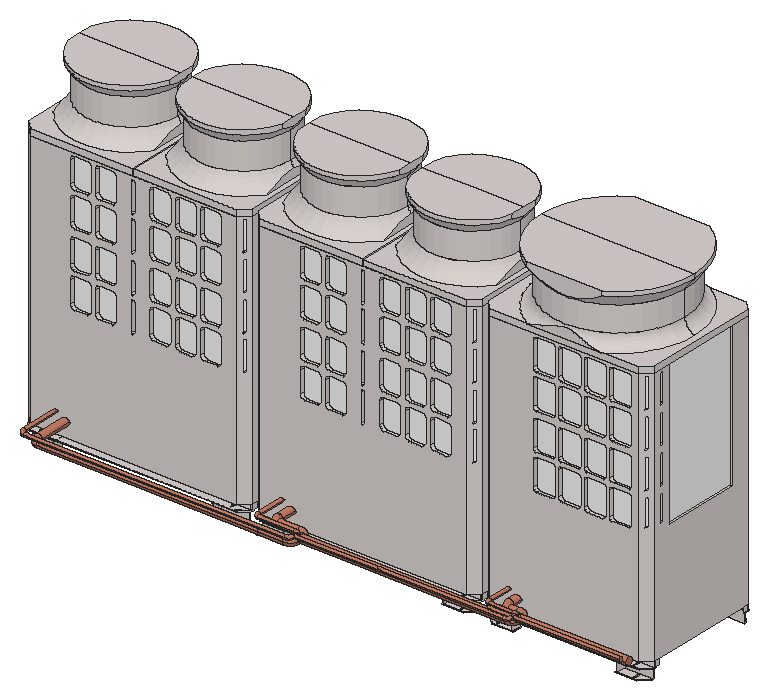
Revit family "PUHY-EP1000YSNW-A1", category 機械設備, Revit 2016 (continued)
Definition of nested family "PUHY-EP350YNW-A1"
  Dimensions and locks
    Extrusion 19 sketch curve to Extrusion 19 sketch curve = 170.800 mm
    Extrusion 20 sketch curve to Extrusion 20 sketch curve = 116.800 mm
    Extrusion 20 sketch curve to Extrusion 20 sketch curve = 170.800 mm
    Extrusion 21 sketch curve to Extrusion 21 sketch curve = 116.800 mm
    Extrusion 21 sketch curve to Extrusion 21 sketch curve = 170.800 mm
    plane 3 "Center (Left/Right)" to cut or joined group 1 (Extrusion 1, Extrusion 2, Extrusion 3, Extrusion 4, Extrusion 5, Extrusion 6, Extrusion 7, Extrusion 8, Extrusion 9, Extrusion 10, Extrusion 11, Extrusion 12, Extrusion 13, Extrusion 14, Extrusion 15, Extrusion 16, Extrusion 17, Extrusion 18, Extrusion 19, Extrusion 20, Extrusion 21, Extrusion 22, Extrusion 23, Extrusion 24, Extrusion 25, Extrusion 26, Extrusion 27, Extrusion 28, Extrusion 29, Extrusion 30, Extrusion 31, Extrusion 32, Extrusion 33) = 620.000 mm
    cut or joined group 1 to plane 3 "Center (Left/Right)" = 620.000 mm
    Extrusion 1 sketch curve to Extrusion 1 sketch curve = 1240.000 mm
    cut or joined group 1 to plane 8 = 185.000 mm
    cut or joined group 1 to plane 7 = 166.000 mm
    cut or joined group 1 to plane 6 = 110.000 mm
    cut or joined group 1 to plane 12 to cut or joined group 1 = 805.000 mm, 621.000 mm
    plane 5 to plane 2 = 1858.000 mm  (x2)
    cut or joined group 1 to plane 19 "132" = 132.000 mm
    cut or joined group 1 to plane 22 = 207.000 mm
    cut or joined group 1 to plane 23 = 256.000 mm
    cut or joined group 1 to plane 6 = 60.000 mm
    cut or joined group 1 to cut or joined group 1 = 42.154 mm
    cut or joined group 1 to cut or joined group 1 = 11.895 mm
    nested 1 to nested 3 to level = 1798.000 mm, 60.000 mm
    nested 1 to nested 1 = 303.000 mm
    nested 1 to nested 3 = 1495.000 mm
    nested 8 to nested 8 to nested 8 to nested 7 to nested 7 to nested 7 = 54.000 mm, 20.000 mm, 592.000 mm, 20.000 mm, 54.000 mm
    nested 3 to nested 3 = 56.000 mm
    plane 11 to plane 31 to plane 32 to cut or joined group 1 = 90.000 mm, 1060.000 mm, 90.000 mm
    curve 103 to nested 7 = 90.000 mm
    curve 104 to nested 7 = 125.000 mm
    curve 101 to nested 7 = 100.000 mm
    curve 11 to curve 13 to nested 7 = 84.000 mm, 71.000 mm
    cut or joined group 1 to curve 12 to curve 14 = 125.000 mm, 148.000 mm
    nested 2 to nested 7 = 1495.000 mm
    curve 87 to cut or joined group 1 = 152.000 mm
    curve 88 to cut or joined group 1 = 172.000 mm
    curve 89 to cut or joined group 1 = 216.000 mm
    cut or joined group 1 to curve 4 to curve 2 = 128.000 mm, 150.000 mm
    cut or joined group 1 to curve 1 to curve 3 = 79.000 mm, 94.000 mm
    Extrusion 32 sketch curve to nested 7 = 116.000 mm
    cut or joined group 1 to Extrusion 32 sketch curve = 160.000 mm
    cut or joined group 1 to Extrusion 33 sketch curve = 243.000 mm
    Extrusion 33 sketch curve to nested 7 = 116.000 mm
    cut or joined group 1 to cut or joined group 1 = 740.000 mm
    plane 30 to plane 4 = 740.000 mm
    aligned and locked: level to plane 2
    aligned and locked: Extrusion 1 to plane 4
  Nested families
    nested 1: "FAN GUARD" at (-311.5, 2, 860), type "FAN GUARD"
      with WIDTH 870.000 mm
    nested 2: "FAN GUARD" at (311.5, 2, 860) x (-1, 0, 0) z (0, 0, 1), type "FAN GUARD"
      with WIDTH 870.000 mm
    nested 3: "ATTACHMENT LEG" at (-524, -349, 0), type "ATTACHMENT LEG"
    nested 4: "ATTACHMENT LEG" at (-524, 349, 0), type "ATTACHMENT LEG"
    nested 5: "ATTACHMENT LEG" at (524, -349, 0) x (-1, 0, 0) z (0, 0, 1), type "ATTACHMENT LEG"
    nested 6: "ATTACHMENT LEG" at (524, 349, 0) x (-1, 0, 0) z (0, 0, 1), type "ATTACHMENT LEG"
    nested 7: "BASE LEG_L_" at (0, -352, 60), type "BASE LEG_L_"
      with Width 1240.000 mm
    nested 8: "BASE LEG_L_" at (0, 352, 60), type "BASE LEG_L_"
      with Width 1240.000 mm
  Connectors
    piping at (-460, -191, 176), diameter 25.4, driven by "Liquid pipe_radius"
      settings: on cut or joined group 1, index 3, connector inside diameter 25.4 mm, connector length 0.000 mm, flow factor 0, pipe flow 0.0 L/s, pressure drop 0.0 Pa, fitting loss kfactor 0, connector angle 0.00°, fixture units 0, engagement length 0.000 mm, angle of deflection 0.00°, flow configuration 0, flow direction 0, fitting loss method 0, system type 22, joint type 0, gender type 0, connector reference index -1, connector utility 0, adjustable connector no, is connector primary yes, connector description "Refrigerant service valve<Liquid pipe>"
    piping at (-377, -191, 176), diameter 28.58, driven by "Gas pipe_radius"
      settings: on cut or joined group 1, index 4, connector inside diameter 28.58 mm, connector length 0.000 mm, flow factor 0, pipe flow 0.0 L/s, pressure drop 0.0 Pa, fitting loss kfactor 0, connector angle 0.00°, fixture units 0, engagement length 0.000 mm, angle of deflection 0.00°, flow configuration 0, flow direction 0, fitting loss method 0, system type 22, joint type 0, gender type 0, connector reference index -1, connector utility 0, adjustable connector no, is connector primary no, connector description "Refrigerant service valve<Gas>"
    electrical at (0, -370, 808)
      settings: on cut or joined group 1, index 5, voltage 0 V, apparent load 0 VA, apparent load phase1 0 VA, apparent load phase2 0 VA, apparent load phase3 0 VA, power factor 1, load classification none, number of poles 1, system type 30, power factor state 1, is connector primary yes, connector utility no, sub classification motor no, connector description ""
  Definition of nested family "FAN GUARD"
    Parameters
      WIDTH [instance] = 870.000 mm
    Reference planes
      plane 1 "中心(正面/背面)": y = -2
      plane 2: z = 0
      plane 3 "ファンガード基準面": z = 661
      plane 4: y = 368
      plane 5: x = 366
      plane 6: x = -375
      plane 7 "ファンガード基準上面": z = 695
      plane 8 "ファンガード上面": z = 998
      plane 9: x = -273.971
      plane 10: x = 308.5
      plane 11: x = -308.5
      plane 12: x = 0
    Forms (mm)
      Extrusion 1, solid
        sketch origin (85, 0, 661) x (-1, 0, 0) y (0, -1, 0)
          loop
            line (343.5, -368) -> (393.5, -318) -> (393.5, 322) -> (343.5, 372) -> (-223.5, 372) -> (-223.5, -368) -> (343.5, -368)
        from 0 to 34
      Revolve 2, solid
        sketch origin (0, -2, 0) x (1, 0, 0) y (0, 0, 1)
          loop
            line (0, 695) -> (0, 998) -> (-290, 998) -> (-290, 972.327) -> (-260, 928.372) -> (-260, 777.384)
            arc (-260, 777.384) -> (-290.651, 730.137) -> (-334.665, 695) r 175.882
            line (-334.665, 695) -> (0, 695)
          axis (0, 998) -> (0, 695)
        angle from 0 to 360
      Extrusion 3, void
        sketch origin (-840, 75, 695) x (-1, 0, 0) y (0, -1, 0)
          loop
            line (-410, -165) -> (-410, 315) -> (-561.253, 315) -> (-561.253, -165) -> (-410, -165)
        from -35 to 430.592
      Extrusion 4, void
        sketch origin (840, 75, 695) x (1, 0, 0) y (0, 1, 0)
          loop
            line (-410, 165) -> (-561.253, 165) -> (-561.253, -315) -> (-410, -315) -> (-410, 165)
        from 0 to 430.592
    Cuts and joins
      Extrusion 3, Extrusion 4 cuts Revolve 2
      Extrusion 4 cuts Extrusion 1
    Lines and regions (mm)
      model lines
        curve 1: line (-278.747, 0, 998) -> (-80, 0, 998)
        curve 2: line (80, 0, 998) -> (278.747, 0, 998)
        curve 3: circle (0, 0, 998) r 80 normal (0, 0, 1)
        curve 4: line (-278.747, -80, 998) -> (278.747, -80, 998)
        curve 5: line (-241.868, -160, 998) -> (241.868, -160, 998)
        curve 6: line (-162.788, -240, 998) -> (162.788, -240, 998)
        curve 7: line (-278.747, 80, 998) -> (278.747, 80, 998)
        curve 8: line (-241.868, 160, 998) -> (240, 160, 998)
        curve 9: line (-160, 240, 998) -> (162.788, 240, 998)
        curve 10: line (0, 290, 998) -> (0, -290, 998)
        curve 11: line (-20, 289.31, 998) -> (-20, -289.31, 998)
        curve 12: line (-40, 287.228, 998) -> (-40, -287.228, 998)
        curve 13: line (-60, 283.725, 998) -> (-60, -283.725, 998)
        curve 14: line (-80, 278.747, 998) -> (-80, -278.747, 998)
        curve 15: line (20, 289.31, 998) -> (20, -289.31, 998)
        curve 16: line (40, 287.228, 998) -> (40, -287.228, 998)
        curve 17: line (60, 283.725, 998) -> (60, -283.725, 998)
        curve 18: line (80, 278.747, 998) -> (80, -278.747, 998)
        curve 19: line (100, 272.213, 998) -> (100, -272.213, 998)
        curve 20: line (120, 264.008, 998) -> (120, -264.008, 998)
        curve 21: line (140, 253.969, 998) -> (140, -253.969, 998)
        curve 22: line (160, 241.868, 998) -> (160, -243.132, 998)
        curve 23: line (180, 227.376, 998) -> (180, -227.624, 998)
        curve 24: line (200, 210, 998) -> (200, -210, 998)
        curve 25: line (220, 188.944, 998) -> (220, -188.944, 998)
        curve 26: line (240, 160, 998) -> (240, -162.788, 998)
        curve 27: line (260, 128.452, 998) -> (260, -128.452, 998)
        curve 28: line (-100, 272.213, 998) -> (-100, -272.213, 998)
        curve 29: line (-120, 264.008, 998) -> (-120, -264.008, 998)
        curve 30: line (-140, 253.969, 998) -> (-140, -253.969, 998)
        curve 31: line (-160, 240, 998) -> (-160, -241.868, 998)
        curve 32: line (-180, 227.376, 998) -> (-180, -227.376, 998)
        curve 33: line (-200, 210, 998) -> (-200, -210, 998)
        curve 34: line (-220, 188.944, 998) -> (-220, -188.944, 998)
        curve 35: line (-240, 162.788, 998) -> (-240, -162.788, 998)
        curve 36: line (-260, 128.452, 998) -> (-260, -128.452, 998)
        curve 37: line (10, 79.373, 998) -> (10, -79.373, 998)
        curve 38: line (-10, 79.373, 998) -> (-10, -79.373, 998)
        curve 39: line (30, 74.162, 998) -> (30, -74.162, 998)
        curve 40: line (50, 62.45, 998) -> (50, -62.45, 998)
        curve 41: line (70, 38.73, 998) -> (70, -38.73, 998)
        curve 42: line (-30, 74.162, 998) -> (-30, -74.162, 998)
        curve 43: line (-50, 62.45, 998) -> (-50, -62.45, 998)
        curve 44: line (-70, 38.73, 998) -> (-70, -38.73, 998)
    Dimensions and locks
      locked: plane 8 "ファンガード上面" to plane 7 "ファンガード基準上面" at 303
      plane 8 "ファンガード上面" to plane 3 "ファンガード基準面" = 337.000 mm
      Revolve 2 sketch curve to Revolve 2 sketch curve = 290.000 mm
      Extrusion 1 sketch curve to Extrusion 1 sketch curve = 740.000 mm
      equal spacing: Extrusion 1 sketch curve, plane 1 "中心(正面/背面)", Extrusion 1 sketch curve
      plane 6 to plane 5 = 741.000 mm
      Extrusion 1 sketch curve to Extrusion 1 sketch curve = 617.000 mm
      plane 11 to plane 10 = 617.000 mm
      cut or joined group of Extrusion 1, Extrusion 4 to cut or joined group of Extrusion 1, Extrusion 4 = 617.000 mm
      cut or joined group of Extrusion 1, Extrusion 4 to cut or joined group of Extrusion 1, Extrusion 4 = 740.000 mm
      aligned and locked: level to plane 2
      aligned and locked: plane 7 "ファンガード基準上面" to Extrusion 1
      aligned and locked: plane 3 "ファンガード基準面" to Extrusion 1
      aligned and locked: cut or joined group of Revolve 2, Extrusion 3, Extrusion 4 to plane 8 "ファンガード上面"
  Definition of nested family "ATTACHMENT LEG"
    Parameters
      Width = 145.000 mm
    Reference planes
      plane 1: z = 0
      plane 2 "中心(左/右)": x = -6
      plane 3: x = -52
      plane 4: x = 85
      plane 5: x = 93
      plane 6: y = -21
      plane 7: y = 27
      plane 8: x = -30
      plane 9: y = 39
      plane 10: z = 60
      plane 11: z = 57
      plane 12: z = 3
      plane 13: x = 82
      plane 14: y = 36
      plane 15: x = -75
      plane 16: y = 31
      plane 17 "幅": x = 93
      plane 18: y = 2.5
      plane 19: y = 21
      plane 20: y = -10
    Forms (mm)
      Extrusion 1, solid
        sketch origin (0, -1, 0) x (1, 0, 0) y (0, 1, 0)
          loop
            line (-75, 36) -> (-75, 27) -> (-28, -20) -> (93, -20) -> (93, 32) -> (85, 32) -> (85, 36) -> (-75, 36)
        from 0 to 60
      Extrusion 2, void
        sketch origin (0, -3, 0) x (1, 0, 0) y (0, 0, 1)
          loop
            line (-75, 57) -> (-75, 3) -> (82, 3) -> (82, 57) -> (-75, 57)
          loop
            line (93, 57) -> (85, 57) -> (85, 3) -> (93, 3) -> (93, 57)
        from -35 to 18
      Extrusion 3, void
        sketch origin (-6, 5.5, 0) x (1, 0, 0) y (0, 1, 0)
          loop
            arc (-7, -8.5) -> (0, -15.5) -> (7, -8.5) r 7
            line (7, -8.5) -> (7, 8.5)
            arc (7, 8.5) -> (0, 15.5) -> (-7, 8.5) r 7
            line (-7, 8.5) -> (-7, -8.5)
        from 0 to 60
    Cuts and joins
      Extrusion 2, Extrusion 3 cuts Extrusion 1
    Dimensions and locks
      locked: plane 3 to plane 4 at 137
      locked: plane 3 to plane 5 at 145
      plane 6 to plane 7 = 48.000 mm
      locked: plane 10 to level at 60
      Extrusion 3 sketch curve to plane 2 "中心(左/右)" = 7.000 mm
      locked: plane 15 to plane 2 "中心(左/右)" at 69
      locked: plane 15 to plane 8 at 45
      locked: plane 6 to plane 18 at 23.5
      cut or joined group of Extrusion 1, Extrusion 2, Extrusion 3 to cut or joined group of Extrusion 1, Extrusion 2, Extrusion 3 = 168.000 mm
      cut or joined group of Extrusion 1, Extrusion 2, Extrusion 3 to cut or joined group of Extrusion 1, Extrusion 2, Extrusion 3 = 56.000 mm  (x2)
      plane 14 to plane 6 = 57.000 mm
      aligned and locked: level to plane 1
      aligned and locked: Extrusion 1 sketch curve to plane 4
      aligned and locked: Extrusion 1 sketch curve to plane 5
      aligned: plane 8 to Extrusion 1 sketch curve
      aligned and locked: plane 10 to Extrusion 1
      aligned and locked: Extrusion 2 sketch curve to plane 11
      aligned: plane 3 to Extrusion 2 sketch curve
      aligned and locked: plane 12 to Extrusion 2 sketch curve
      aligned and locked: Extrusion 2 sketch curve to plane 13
      aligned and locked: plane 6 to Extrusion 2
      aligned and locked: plane 11 to Extrusion 2 sketch curve
      aligned and locked: plane 5 to Extrusion 2 sketch curve
      aligned and locked: Extrusion 2 sketch curve to plane 12
      aligned and locked: Extrusion 2 sketch curve to plane 4
      aligned and locked: plane 15 to Extrusion 1 sketch curve
      aligned and locked: Extrusion 2 sketch curve to cut or joined group of Extrusion 1, Extrusion 2, Extrusion 3
      aligned and locked: Extrusion 1 to plane 16
  Definition of nested family "BASE LEG_L_"
    Parameters
      Width [instance] = 1240.000 mm
    Reference planes
      plane 1 "中心(正面/背面)": y = 0
      plane 2: z = 0
      plane 3 "中心(左/右)": x = 0
      plane 4: x = 620
      plane 5: x = -620
      plane 6: x = -530
      plane 7: x = 530
      plane 8: y = -18
      plane 9: y = 39
      plane 10: z = 53
      plane 11: y = 42
      plane 12: y = 27
      plane 13: x = 575
      plane 14: x = -575
      plane 15: z = 8
      plane 16: y = 11.5
      plane 17: z = 35
    Forms (mm)
      Extrusion 1, solid
        sketch origin (0, 0, 0) x (0, 1, 0) y (0, 0, 1)
          loop
            line (-18, 0) -> (36, 0) -> (36, 32) -> (56, 32) -> (56, 35) -> (33, 35) -> (33, 3) -> (-18, 3) -> (-18, 0)
        from -620 to 620
      Extrusion 2, void
        sketch origin (0, 0, 0) x (1, 0, 0) y (0, 1, 0)
          loop
            line (575, -18) -> (620, -18) -> (620, 27) -> (575, -18)
          loop
            line (-575, -18) -> (-620, 27) -> (-620, -18) -> (-575, -18)
        from 0 to 250
      Extrusion 3, void
        sketch origin (0, 12.023, 0) x (1, 0, 0) y (0, 1, 0)
          loop
            arc (523, -2.971) -> (530, -9.971) -> (537, -2.971) r 7
            line (537, -2.971) -> (537, 3.023)
            arc (537, 3.023) -> (530, 10.023) -> (523, 3.023) r 7
            line (523, 3.023) -> (523, -2.971)
          loop
            line (-523, -2.971) -> (-523, 3.023)
            arc (-523, 3.023) -> (-530, 10.023) -> (-537, 3.023) r 7
            line (-537, 3.023) -> (-537, -2.971)
            arc (-537, -2.971) -> (-530, -9.971) -> (-523, -2.971) r 7
        from 0 to 250
      Extrusion 4, solid
        sketch origin (0, 0, -3) x (1, 0, 0) y (0, 0, 1)
          loop
            line (617, 8) -> (620, 8) -> (620, 35) -> (617, 35) -> (617, 8)
          loop
            line (-617, 8) -> (-617, 35) -> (-620, 35) -> (-620, 8) -> (-617, 8)
        from -36 to -56
      Extrusion 5, solid
        sketch origin (150, 352, 0) x (1, 0, 0) y (0, 1, 0)
          loop
            line (460, -319) -> (455, -319) -> (455, -320) -> (405, -370) -> (410, -370) -> (460, -320) -> (460, -319)
        from 3 to 35
      Extrusion 6, void
        sketch origin (560, -18, 0) x (0.707107, 0.707107, 0) y (0, 0, 1)
          loop
            line (70.711, 3) -> (-6.741, 39.767) -> (-6.741, 3) -> (70.711, 3)
        from -190.256 to 23.776
      Extrusion 7, solid
        sketch origin (-150, 352, 0) x (-1, 0, 0) y (0, -1, 0)
          loop
            line (460, 319) -> (460, 320) -> (410, 370) -> (405, 370) -> (455, 320) -> (455, 319) -> (460, 319)
        from 3 to 35
      Extrusion 8, void
        sketch origin (-560, -18, 0) x (0.707107, -0.707107, 0) y (0, 0, -1)
          loop
            line (-70.711, -3) -> (0, -35) -> (6.741, -35) -> (6.741, -3) -> (-70.711, -3)
        from -190.256 to 23.776
    Cuts and joins
      Extrusion 2, Extrusion 3 cuts Extrusion 1
      joined: Extrusion 1, Extrusion 4
      Extrusion 8 cuts Extrusion 7
      Extrusion 6 cuts Extrusion 5
    Dimensions and locks
      "Width": plane 5 to plane 4
      equal spacing: plane 5, plane 3 "中心(左/右)", plane 4
      locked: plane 5 to plane 6 at 90
      locked: plane 7 to plane 4 at 90
      locked: plane 8 to plane 9 at 57
      locked: plane 10 to level at 53
      locked: plane 9 to plane 11 at 3
      plane 8 to plane 12 = 45.000 mm
      locked: plane 13 to plane 4 at 45
      locked: plane 5 to plane 14 at 45
      equal spacing: Extrusion 3 sketch curve, plane 7, Extrusion 3 sketch curve
      equal spacing: Extrusion 3 sketch curve, plane 6, Extrusion 3 sketch curve
      locked: plane 10 to plane 15 at 45
      locked: cut or joined group of Extrusion 1, Extrusion 2, Extrusion 3, Extrusion 4 to Extrusion 4 sketch curve at 3  (x2)
      locked: plane 8 to plane 16 at 29.5
      plane 8 to plane 11 = 60.000 mm
      cut or joined group of Extrusion 1, Extrusion 2, Extrusion 3, Extrusion 4 to cut or joined group of Extrusion 1, Extrusion 2, Extrusion 3, Extrusion 4 = 35.000 mm
      aligned and locked: level to plane 2
      aligned and locked: plane 8 to Extrusion 1 sketch curve
      aligned and locked: plane 4 to Extrusion 1
      aligned and locked: Extrusion 1 to plane 5
      aligned and locked: Extrusion 2 sketch curve to plane 4
      aligned and locked: Extrusion 2 sketch curve to plane 8
      aligned and locked: plane 12 to Extrusion 2 sketch curve
      aligned and locked: plane 13 to Extrusion 2 sketch curve
      aligned and locked: plane 4 to Extrusion 4 sketch curve
      aligned and locked: plane 5 to Extrusion 4 sketch curve
      aligned and locked: cut or joined group of Extrusion 7, Extrusion 8 to cut or joined group of Extrusion 1, Extrusion 2, Extrusion 3, Extrusion 4
    Automatic sketch dimensions
      Extrusion 3 sketch curve to plane 1 "中心(正面/背面)" = 9.052 mm  (x2)
      Extrusion 3 sketch curve to plane 7 = 7.000 mm
      Extrusion 3 sketch curve to plane 1 "中心(正面/背面)" = 15.046 mm  (x2)
      Extrusion 3 sketch curve to plane 6 = 7.000 mm
      Extrusion 2 sketch curve to plane 5 = 0.000 mm
      plane 8 to Extrusion 2 sketch curve = 0.000 mm
      Extrusion 2 sketch curve to plane 14 = 0.000 mm
      plane 12 to Extrusion 2 sketch curve = 0.000 mm
      Extrusion 4 sketch curve to plane 10 = 21.000 mm
      plane 7 to Extrusion 5 sketch curve = 25.000 mm
      Extrusion 5 sketch curve to Extrusion 5 sketch curve = 5.000 mm  (x2)
      plane 7 to Extrusion 5 sketch curve = 75.000 mm
      plane 8 to Extrusion 5 sketch curve = 0.000 mm
      Extrusion 5 sketch curve to Extrusion 5 sketch curve = 50.000 mm
      Extrusion 5 sketch curve to Extrusion 5 sketch curve = 0.000 mm
      Extrusion 5 sketch curve to Extrusion 5 sketch curve = 1.000 mm
      Extrusion 6 sketch curve to Extrusion 5 = 0.000 mm  (x2)
      Extrusion 6 sketch curve to Extrusion 5 = 6.741 mm
      Extrusion 6 sketch curve to Extrusion 5 = 4.767 mm
      plane 6 to Extrusion 7 sketch curve = 25.000 mm
      Extrusion 7 sketch curve to Extrusion 7 sketch curve = 5.000 mm  (x2)
      Extrusion 7 sketch curve to Extrusion 7 sketch curve = 45.000 mm
      Extrusion 7 sketch curve to plane 8 = 0.000 mm
      Extrusion 7 sketch curve to Extrusion 7 sketch curve = 50.000 mm
      Extrusion 7 sketch curve to Extrusion 7 sketch curve = 0.000 mm
      Extrusion 7 sketch curve to Extrusion 7 sketch curve = 1.000 mm
      Extrusion 8 sketch curve to Extrusion 7 = 0.000 mm  (x2)
      Extrusion 7 to Extrusion 8 sketch curve = 0.000 mm  (x2)
      Extrusion 7 to Extrusion 8 sketch curve = 6.741 mm
      Extrusion 4 sketch curve to plane 17 = 3.000 mm
      Extrusion 4 sketch curve to plane 15 = 3.000 mm  (x2)
      Extrusion 1 sketch curve to plane 17 = 0.000 mm
      Extrusion 1 sketch curve to level = 0.000 mm
      level to Extrusion 1 sketch curve = 3.000 mm
      plane 9 to Extrusion 1 sketch curve = 6.000 mm
      plane 9 to Extrusion 1 sketch curve = 3.000 mm
      Extrusion 1 sketch curve to plane 17 = 3.000 mm
      Extrusion 1 sketch curve to plane 11 = 14.000 mm
Definition of nested family "PUHY-EP400YNW-A1"
  Parameters
    Model = "PUHY-P400YNW-A"
    URL = "http://www.mitsubishielectric.com/"
    Manufacturer = "Mitsubishi Electric Corporation"
    Liquid pipe_radius = 12.700 mm
    Gas pipe_radius = 14.290 mm
  Reference planes
    plane 1 "Center (Front/Back)": y = 0
    plane 2: z = 0
    plane 3 "Center (Left/Right)": x = 0
    plane 4: y = 370
    plane 5: z = 1858
    plane 6: y = -260
    plane 7: y = -204
    plane 8: y = -185
    plane 9: x = -620
    plane 10: x = 620
    plane 11: x = -620
    plane 12: z = 716
    plane 13: x = -524
    plane 14: z = 669
    plane 15: x = -50.5
    plane 16: x = 51
    plane 17: x = 489
    plane 18: x = 467
    plane 19 "132": x = 488
    plane 20 "100": z = 160
    plane 21: z = 185
    plane 22: x = 413
    plane 23: x = 364
    plane 24: z = 150
    plane 25: x = -287.25
    plane 26: x = -137.25
    plane 27: x = -272.25
    plane 28: y = -278
    plane 29: z = 1509
    plane 30: y = -370
    plane 31: x = -530
    plane 32: x = 530
    plane 33 "179": y = -191
  Forms (mm)
    Extrusion 1, solid
      sketch origin (-1, 0, 113) x (-1, 0, 0) y (0, -1, 0)
        loop
          line (569, -370) -> (619, -320) -> (619, 320) -> (569, 370) -> (-571, 370) -> (-621, 320) -> (-621, -320) -> (-571, -370) -> (569, -370)
      from -18 to 1408
    Extrusion 2, void
      sketch origin (524, -370, 113) x (1, 0, 0) y (0, 0, -1)
        loop
          arc (-60.8, -1393.5) -> (-42.557, -1385.943) -> (-35, -1367.7) r 25.8
          line (-35, -1367.7) -> (-35, -1248.5)
          arc (-35, -1248.5) -> (-42.557, -1230.257) -> (-60.8, -1222.7) r 25.8
          line (-60.8, -1222.7) -> (-126, -1222.7)
          arc (-126, -1222.7) -> (-144.243, -1230.257) -> (-151.8, -1248.5) r 25.8
          line (-151.8, -1248.5) -> (-151.8, -1367.7)
          arc (-151.8, -1367.7) -> (-144.243, -1385.943) -> (-126, -1393.5) r 25.8
          line (-126, -1393.5) -> (-60.8, -1393.5)
      from 0 to 20
    Extrusion 3, void
      sketch origin (524, -370, -81) x (1, 0, 0) y (0, 0, -1)
        loop
          arc (-60.8, -1393.5) -> (-42.557, -1385.943) -> (-35, -1367.7) r 25.8
          line (-35, -1367.7) -> (-35, -1248.5)
          arc (-35, -1248.5) -> (-42.557, -1230.257) -> (-60.8, -1222.7) r 25.8
          line (-60.8, -1222.7) -> (-126, -1222.7)
          arc (-126, -1222.7) -> (-144.243, -1230.257) -> (-151.8, -1248.5) r 25.8
          line (-151.8, -1248.5) -> (-151.8, -1367.7)
          arc (-151.8, -1367.7) -> (-144.243, -1385.943) -> (-126, -1393.5) r 25.8
          line (-126, -1393.5) -> (-60.8, -1393.5)
      from 0 to 20
    Extrusion 4, void
      sketch origin (524, -370, -287) x (1, 0, 0) y (0, 0, -1)
        loop
          arc (-60.8, -1393.5) -> (-42.557, -1385.943) -> (-35, -1367.7) r 25.8
          line (-35, -1367.7) -> (-35, -1248.5)
          arc (-35, -1248.5) -> (-42.557, -1230.257) -> (-60.8, -1222.7) r 25.8
          line (-60.8, -1222.7) -> (-126, -1222.7)
          arc (-126, -1222.7) -> (-144.243, -1230.257) -> (-151.8, -1248.5) r 25.8
          line (-151.8, -1248.5) -> (-151.8, -1367.7)
          arc (-151.8, -1367.7) -> (-144.243, -1385.943) -> (-126, -1393.5) r 25.8
          line (-126, -1393.5) -> (-60.8, -1393.5)
      from 0 to 20
    Extrusion 5, void
      sketch origin (524, -370, -481) x (1, 0, 0) y (0, 0, -1)
        loop
          arc (-60.8, -1393.5) -> (-42.557, -1385.943) -> (-35, -1367.7) r 25.8
          line (-35, -1367.7) -> (-35, -1248.5)
          arc (-35, -1248.5) -> (-42.557, -1230.257) -> (-60.8, -1222.7) r 25.8
          line (-60.8, -1222.7) -> (-126, -1222.7)
          arc (-126, -1222.7) -> (-144.243, -1230.257) -> (-151.8, -1248.5) r 25.8
          line (-151.8, -1248.5) -> (-151.8, -1367.7)
          arc (-151.8, -1367.7) -> (-144.243, -1385.943) -> (-126, -1393.5) r 25.8
          line (-126, -1393.5) -> (-60.8, -1393.5)
      from 0 to 20
    Extrusion 6, void
      sketch origin (384, -370, 113) x (1, 0, 0) y (0, 0, -1)
        loop
          arc (-60.8, -1393.5) -> (-42.557, -1385.943) -> (-35, -1367.7) r 25.8
          line (-35, -1367.7) -> (-35, -1248.5)
          arc (-35, -1248.5) -> (-42.557, -1230.257) -> (-60.8, -1222.7) r 25.8
          line (-60.8, -1222.7) -> (-126, -1222.7)
          arc (-126, -1222.7) -> (-144.243, -1230.257) -> (-151.8, -1248.5) r 25.8
          line (-151.8, -1248.5) -> (-151.8, -1367.7)
          arc (-151.8, -1367.7) -> (-144.243, -1385.943) -> (-126, -1393.5) r 25.8
          line (-126, -1393.5) -> (-60.8, -1393.5)
      from 0 to 20
    Extrusion 7, void
      sketch origin (384, -370, -81) x (1, 0, 0) y (0, 0, -1)
        loop
          arc (-60.8, -1393.5) -> (-42.557, -1385.943) -> (-35, -1367.7) r 25.8
          line (-35, -1367.7) -> (-35, -1248.5)
          arc (-35, -1248.5) -> (-42.557, -1230.257) -> (-60.8, -1222.7) r 25.8
          line (-60.8, -1222.7) -> (-126, -1222.7)
          arc (-126, -1222.7) -> (-144.243, -1230.257) -> (-151.8, -1248.5) r 25.8
          line (-151.8, -1248.5) -> (-151.8, -1367.7)
          arc (-151.8, -1367.7) -> (-144.243, -1385.943) -> (-126, -1393.5) r 25.8
          line (-126, -1393.5) -> (-60.8, -1393.5)
      from 0 to 20
    Extrusion 8, void
      sketch origin (384, -370, -287) x (1, 0, 0) y (0, 0, -1)
        loop
          arc (-60.8, -1393.5) -> (-42.557, -1385.943) -> (-35, -1367.7) r 25.8
          line (-35, -1367.7) -> (-35, -1248.5)
          arc (-35, -1248.5) -> (-42.557, -1230.257) -> (-60.8, -1222.7) r 25.8
          line (-60.8, -1222.7) -> (-126, -1222.7)
          arc (-126, -1222.7) -> (-144.243, -1230.257) -> (-151.8, -1248.5) r 25.8
          line (-151.8, -1248.5) -> (-151.8, -1367.7)
          arc (-151.8, -1367.7) -> (-144.243, -1385.943) -> (-126, -1393.5) r 25.8
          line (-126, -1393.5) -> (-60.8, -1393.5)
      from 0 to 20
    Extrusion 9, void
      sketch origin (384, -370, -481) x (1, 0, 0) y (0, 0, -1)
        loop
          arc (-60.8, -1393.5) -> (-42.557, -1385.943) -> (-35, -1367.7) r 25.8
          line (-35, -1367.7) -> (-35, -1248.5)
          arc (-35, -1248.5) -> (-42.557, -1230.257) -> (-60.8, -1222.7) r 25.8
          line (-60.8, -1222.7) -> (-126, -1222.7)
          arc (-126, -1222.7) -> (-144.243, -1230.257) -> (-151.8, -1248.5) r 25.8
          line (-151.8, -1248.5) -> (-151.8, -1367.7)
          arc (-151.8, -1367.7) -> (-144.243, -1385.943) -> (-126, -1393.5) r 25.8
          line (-126, -1393.5) -> (-60.8, -1393.5)
      from 0 to 20
    Extrusion 10, void
      sketch origin (244, -370, 113) x (1, 0, 0) y (0, 0, -1)
        loop
          arc (-60.8, -1393.5) -> (-42.557, -1385.943) -> (-35, -1367.7) r 25.8
          line (-35, -1367.7) -> (-35, -1248.5)
          arc (-35, -1248.5) -> (-42.557, -1230.257) -> (-60.8, -1222.7) r 25.8
          line (-60.8, -1222.7) -> (-126, -1222.7)
          arc (-126, -1222.7) -> (-144.243, -1230.257) -> (-151.8, -1248.5) r 25.8
          line (-151.8, -1248.5) -> (-151.8, -1367.7)
          arc (-151.8, -1367.7) -> (-144.243, -1385.943) -> (-126, -1393.5) r 25.8
          line (-126, -1393.5) -> (-60.8, -1393.5)
      from 0 to 20
    Extrusion 11, void
      sketch origin (244, -370, -81) x (1, 0, 0) y (0, 0, -1)
        loop
          arc (-60.8, -1393.5) -> (-42.557, -1385.943) -> (-35, -1367.7) r 25.8
          line (-35, -1367.7) -> (-35, -1248.5)
          arc (-35, -1248.5) -> (-42.557, -1230.257) -> (-60.8, -1222.7) r 25.8
          line (-60.8, -1222.7) -> (-126, -1222.7)
          arc (-126, -1222.7) -> (-144.243, -1230.257) -> (-151.8, -1248.5) r 25.8
          line (-151.8, -1248.5) -> (-151.8, -1367.7)
          arc (-151.8, -1367.7) -> (-144.243, -1385.943) -> (-126, -1393.5) r 25.8
          line (-126, -1393.5) -> (-60.8, -1393.5)
      from 0 to 20
    Extrusion 12, void
      sketch origin (244, -370, -287) x (1, 0, 0) y (0, 0, -1)
        loop
          arc (-60.8, -1393.5) -> (-42.557, -1385.943) -> (-35, -1367.7) r 25.8
          line (-35, -1367.7) -> (-35, -1248.5)
          arc (-35, -1248.5) -> (-42.557, -1230.257) -> (-60.8, -1222.7) r 25.8
          line (-60.8, -1222.7) -> (-126, -1222.7)
          arc (-126, -1222.7) -> (-144.243, -1230.257) -> (-151.8, -1248.5) r 25.8
          line (-151.8, -1248.5) -> (-151.8, -1367.7)
          arc (-151.8, -1367.7) -> (-144.243, -1385.943) -> (-126, -1393.5) r 25.8
          line (-126, -1393.5) -> (-60.8, -1393.5)
      from 0 to 20
    Extrusion 13, void
      sketch origin (244, -370, -481) x (1, 0, 0) y (0, 0, -1)
        loop
          arc (-60.8, -1393.5) -> (-42.557, -1385.943) -> (-35, -1367.7) r 25.8
          line (-35, -1367.7) -> (-35, -1248.5)
          arc (-35, -1248.5) -> (-42.557, -1230.257) -> (-60.8, -1222.7) r 25.8
          line (-60.8, -1222.7) -> (-126, -1222.7)
          arc (-126, -1222.7) -> (-144.243, -1230.257) -> (-151.8, -1248.5) r 25.8
          line (-151.8, -1248.5) -> (-151.8, -1367.7)
          arc (-151.8, -1367.7) -> (-144.243, -1385.943) -> (-126, -1393.5) r 25.8
          line (-126, -1393.5) -> (-60.8, -1393.5)
      from 0 to 20
    Extrusion 14, void
      sketch origin (-56, -370, 113) x (1, 0, 0) y (0, 0, -1)
        loop
          arc (-60.8, -1393.5) -> (-42.557, -1385.943) -> (-35, -1367.7) r 25.8
          line (-35, -1367.7) -> (-35, -1248.5)
          arc (-35, -1248.5) -> (-42.557, -1230.257) -> (-60.8, -1222.7) r 25.8
          line (-60.8, -1222.7) -> (-126, -1222.7)
          arc (-126, -1222.7) -> (-144.243, -1230.257) -> (-151.8, -1248.5) r 25.8
          line (-151.8, -1248.5) -> (-151.8, -1367.7)
          arc (-151.8, -1367.7) -> (-144.243, -1385.943) -> (-126, -1393.5) r 25.8
          line (-126, -1393.5) -> (-60.8, -1393.5)
      from 0 to 20
    Extrusion 15, void
      sketch origin (-56, -370, -81) x (1, 0, 0) y (0, 0, -1)
        loop
          arc (-60.8, -1393.5) -> (-42.557, -1385.943) -> (-35, -1367.7) r 25.8
          line (-35, -1367.7) -> (-35, -1248.5)
          arc (-35, -1248.5) -> (-42.557, -1230.257) -> (-60.8, -1222.7) r 25.8
          line (-60.8, -1222.7) -> (-126, -1222.7)
          arc (-126, -1222.7) -> (-144.243, -1230.257) -> (-151.8, -1248.5) r 25.8
          line (-151.8, -1248.5) -> (-151.8, -1367.7)
          arc (-151.8, -1367.7) -> (-144.243, -1385.943) -> (-126, -1393.5) r 25.8
          line (-126, -1393.5) -> (-60.8, -1393.5)
      from 0 to 20
    Extrusion 16, void
      sketch origin (-56, -370, -287) x (1, 0, 0) y (0, 0, -1)
        loop
          arc (-60.8, -1393.5) -> (-42.557, -1385.943) -> (-35, -1367.7) r 25.8
          line (-35, -1367.7) -> (-35, -1248.5)
          arc (-35, -1248.5) -> (-42.557, -1230.257) -> (-60.8, -1222.7) r 25.8
          line (-60.8, -1222.7) -> (-126, -1222.7)
          arc (-126, -1222.7) -> (-144.243, -1230.257) -> (-151.8, -1248.5) r 25.8
          line (-151.8, -1248.5) -> (-151.8, -1367.7)
          arc (-151.8, -1367.7) -> (-144.243, -1385.943) -> (-126, -1393.5) r 25.8
          line (-126, -1393.5) -> (-60.8, -1393.5)
      from 0 to 20
    Extrusion 17, void
      sketch origin (-56, -370, -481) x (1, 0, 0) y (0, 0, -1)
        loop
          arc (-60.8, -1393.5) -> (-42.557, -1385.943) -> (-35, -1367.7) r 25.8
          line (-35, -1367.7) -> (-35, -1248.5)
          arc (-35, -1248.5) -> (-42.557, -1230.257) -> (-60.8, -1222.7) r 25.8
          line (-60.8, -1222.7) -> (-126, -1222.7)
          arc (-126, -1222.7) -> (-144.243, -1230.257) -> (-151.8, -1248.5) r 25.8
          line (-151.8, -1248.5) -> (-151.8, -1367.7)
          arc (-151.8, -1367.7) -> (-144.243, -1385.943) -> (-126, -1393.5) r 25.8
          line (-126, -1393.5) -> (-60.8, -1393.5)
      from 0 to 20
    Extrusion 18, void
      sketch origin (-196, -370, 113) x (1, 0, 0) y (0, 0, -1)
        loop
          arc (-60.8, -1393.5) -> (-42.557, -1385.943) -> (-35, -1367.7) r 25.8
          line (-35, -1367.7) -> (-35, -1248.5)
          arc (-35, -1248.5) -> (-42.557, -1230.257) -> (-60.8, -1222.7) r 25.8
          line (-60.8, -1222.7) -> (-126, -1222.7)
          arc (-126, -1222.7) -> (-144.243, -1230.257) -> (-151.8, -1248.5) r 25.8
          line (-151.8, -1248.5) -> (-151.8, -1367.7)
          arc (-151.8, -1367.7) -> (-144.243, -1385.943) -> (-126, -1393.5) r 25.8
          line (-126, -1393.5) -> (-60.8, -1393.5)
      from 0 to 20
    Extrusion 19, void
      sketch origin (-196, -370, -81) x (1, 0, 0) y (0, 0, -1)
        loop
          arc (-60.8, -1393.5) -> (-42.557, -1385.943) -> (-35, -1367.7) r 25.8
          line (-35, -1367.7) -> (-35, -1248.5)
          arc (-35, -1248.5) -> (-42.557, -1230.257) -> (-60.8, -1222.7) r 25.8
          line (-60.8, -1222.7) -> (-126, -1222.7)
          arc (-126, -1222.7) -> (-144.243, -1230.257) -> (-151.8, -1248.5) r 25.8
          line (-151.8, -1248.5) -> (-151.8, -1367.7)
          arc (-151.8, -1367.7) -> (-144.243, -1385.943) -> (-126, -1393.5) r 25.8
          line (-126, -1393.5) -> (-60.8, -1393.5)
      from 0 to 20
    Extrusion 20, void
      sketch origin (-196, -370, -287) x (1, 0, 0) y (0, 0, -1)
        loop
          arc (-60.8, -1393.5) -> (-42.557, -1385.943) -> (-35, -1367.7) r 25.8
          line (-35, -1367.7) -> (-35, -1248.5)
          arc (-35, -1248.5) -> (-42.557, -1230.257) -> (-60.8, -1222.7) r 25.8
          line (-60.8, -1222.7) -> (-126, -1222.7)
          arc (-126, -1222.7) -> (-144.243, -1230.257) -> (-151.8, -1248.5) r 25.8
          line (-151.8, -1248.5) -> (-151.8, -1367.7)
          arc (-151.8, -1367.7) -> (-144.243, -1385.943) -> (-126, -1393.5) r 25.8
          line (-126, -1393.5) -> (-60.8, -1393.5)
      from 0 to 20
    Extrusion 21, void
      sketch origin (-196, -370, -481) x (1, 0, 0) y (0, 0, -1)
        loop
          arc (-60.8, -1393.5) -> (-42.557, -1385.943) -> (-35, -1367.7) r 25.8
          line (-35, -1367.7) -> (-35, -1248.5)
          arc (-35, -1248.5) -> (-42.557, -1230.257) -> (-60.8, -1222.7) r 25.8
          line (-60.8, -1222.7) -> (-126, -1222.7)
          arc (-126, -1222.7) -> (-144.243, -1230.257) -> (-151.8, -1248.5) r 25.8
          line (-151.8, -1248.5) -> (-151.8, -1367.7)
          arc (-151.8, -1367.7) -> (-144.243, -1385.943) -> (-126, -1393.5) r 25.8
          line (-126, -1393.5) -> (-60.8, -1393.5)
      from 0 to 20
    Extrusion 22, void
      sketch origin (620, 320, 113) x (0, 1, 0) y (0, 0, -1)
        loop
          line (-462.3, -1408) -> (-50.8, -1408) -> (-50.8, -612) -> (-462.3, -612) -> (-462.3, -1408)
      from 0 to 20
    Extrusion 23, void
      sketch origin (-620, -320, 113) x (0, -1, 0) y (0, 0, -1)
        loop
          line (-535.7, -1408) -> (-207.7, -1408) -> (-207.7, -592) -> (-535.7, -592) -> (-535.7, -1408)
      from 0 to 20
    Extrusion 24, void
      sketch origin (194.892, 370, 113) x (-1, 0, 0) y (0, 0, -1)
        loop
          arc (204.892, -1225.013) -> (194.892, -1215.013) -> (184.892, -1225.013) r 10
          line (184.892, -1225.013) -> (184.892, -1379.987)
          arc (184.892, -1379.987) -> (194.892, -1389.987) -> (204.892, -1379.987) r 10
          line (204.892, -1379.987) -> (204.892, -1225.013)
        loop
          arc (204.892, -1031.013) -> (194.892, -1021.013) -> (184.892, -1031.013) r 10
          line (184.892, -1031.013) -> (184.892, -1185.987)
          arc (184.892, -1185.987) -> (194.892, -1195.987) -> (204.892, -1185.987) r 10
          line (204.892, -1185.987) -> (204.892, -1031.013)
        loop
          arc (204.892, -825.013) -> (194.892, -815.013) -> (184.892, -825.013) r 10
          line (184.892, -825.013) -> (184.892, -979.987)
          arc (184.892, -979.987) -> (194.892, -989.987) -> (204.892, -979.987) r 10
          line (204.892, -979.987) -> (204.892, -825.013)
        loop
          arc (204.892, -631.013) -> (194.892, -621.013) -> (184.892, -631.013) r 10
          line (184.892, -631.013) -> (184.892, -785.987)
          arc (184.892, -785.987) -> (194.892, -795.987) -> (204.892, -785.987) r 10
          line (204.892, -785.987) -> (204.892, -631.013)
      from 0 to 20
    Extrusion 25, void
      sketch origin (-570, 370, 113) x (0.707107, 0.707107, 0) y (0, 0, 1)
        loop
          arc (-45.355, 1236) -> (-35.355, 1226) -> (-25.355, 1236) r 10
          line (-25.355, 1236) -> (-25.355, 1386)
          arc (-25.355, 1386) -> (-35.355, 1396) -> (-45.355, 1386) r 10
          line (-45.355, 1386) -> (-45.355, 1236)
        loop
          arc (-45.355, 1036) -> (-35.355, 1026) -> (-25.355, 1036) r 10
          line (-25.355, 1036) -> (-25.355, 1186)
          arc (-25.355, 1186) -> (-35.355, 1196) -> (-45.355, 1186) r 10
          line (-45.355, 1186) -> (-45.355, 1036)
        loop
          arc (-45.355, 836) -> (-35.355, 826) -> (-25.355, 836) r 10
          line (-25.355, 836) -> (-25.355, 986)
          arc (-25.355, 986) -> (-35.355, 996) -> (-45.355, 986) r 10
          line (-45.355, 986) -> (-45.355, 836)
        loop
          arc (-45.355, 641) -> (-35.355, 631) -> (-25.355, 641) r 10
          line (-25.355, 641) -> (-25.355, 791)
          arc (-25.355, 791) -> (-35.355, 801) -> (-45.355, 791) r 10
          line (-45.355, 791) -> (-45.355, 641)
      from 0 to 20
    Extrusion 26, void
      sketch origin (-620, -320, 113) x (0, -1, 0) y (0, 0, -1)
        loop
          line (-607.846, -1035.895) -> (-607.846, -1186.105)
          arc (-607.846, -1186.105) -> (-597.846, -1196.105) -> (-587.846, -1186.105) r 10
          line (-587.846, -1186.105) -> (-587.846, -1035.895)
          arc (-587.846, -1035.895) -> (-597.846, -1025.895) -> (-607.846, -1035.895) r 10
        loop
          line (-607.846, -835.895) -> (-607.846, -986.105)
          arc (-607.846, -986.105) -> (-597.846, -996.105) -> (-587.846, -986.105) r 10
          line (-587.846, -986.105) -> (-587.846, -835.895)
          arc (-587.846, -835.895) -> (-597.846, -825.895) -> (-607.846, -835.895) r 10
        loop
          line (-607.846, -1235.895) -> (-607.846, -1386.105)
          arc (-607.846, -1386.105) -> (-597.846, -1396.105) -> (-587.846, -1386.105) r 10
          line (-587.846, -1386.105) -> (-587.846, -1235.895)
          arc (-587.846, -1235.895) -> (-597.846, -1225.895) -> (-607.846, -1235.895) r 10
        loop
          line (-607.846, -635.895) -> (-607.846, -786.105)
          arc (-607.846, -786.105) -> (-597.846, -796.105) -> (-587.846, -786.105) r 10
          line (-587.846, -786.105) -> (-587.846, -635.895)
          arc (-587.846, -635.895) -> (-597.846, -625.895) -> (-607.846, -635.895) r 10
      from 0 to 20
    Extrusion 27, void
      sketch origin (1079, -370, 113) x (1, 0, 0) y (0, 0, -1)
        loop
          arc (-1089, -1379.975) -> (-1079, -1389.975) -> (-1069, -1379.975) r 10
          line (-1069, -1379.975) -> (-1069, -1225)
          arc (-1069, -1225) -> (-1079, -1215) -> (-1089, -1225) r 10
          line (-1089, -1225) -> (-1089, -1379.975)
        loop
          arc (-1089, -1185.975) -> (-1079, -1195.975) -> (-1069, -1185.975) r 10
          line (-1069, -1185.975) -> (-1069, -1031)
          arc (-1069, -1031) -> (-1079, -1021) -> (-1089, -1031) r 10
          line (-1089, -1031) -> (-1089, -1185.975)
        loop
          arc (-1089, -979.975) -> (-1079, -989.975) -> (-1069, -979.975) r 10
          line (-1069, -979.975) -> (-1069, -825)
          arc (-1069, -825) -> (-1079, -815) -> (-1089, -825) r 10
          line (-1089, -825) -> (-1089, -979.975)
        loop
          arc (-1089, -785.975) -> (-1079, -795.975) -> (-1069, -785.975) r 10
          line (-1069, -785.975) -> (-1069, -631)
          arc (-1069, -631) -> (-1079, -621) -> (-1089, -631) r 10
          line (-1089, -631) -> (-1089, -785.975)
      from 0 to 20
    Extrusion 28, void
      sketch origin (-571, 370, 113) x (-1, 0, 0) y (0, 0, -1)
        loop
          line (-519.5, -1408) -> (-48, -1408) -> (-48, -556) -> (-519.5, -556) -> (-519.5, -1408)
      from 0 to 20
    Extrusion 29, void
      sketch origin (-571, 370, 113) x (-1, 0, 0) y (0, 0, -1)
        loop
          line (-1038, -1408) -> (-622, -1408) -> (-622, -556) -> (-1038, -556) -> (-1038, -1408)
      from 0 to 20
    Extrusion 30, void
      sketch origin (620, 320, 113) x (0, 1, 0) y (0, 0, -1)
        loop
          arc (-588, -1035.791) -> (-598, -1025.791) -> (-608, -1035.791) r 10
          line (-608, -1035.791) -> (-608, -1186)
          arc (-608, -1186) -> (-598, -1196) -> (-588, -1186) r 10
          line (-588, -1186) -> (-588, -1035.791)
        loop
          arc (-588, -835.791) -> (-598, -825.791) -> (-608, -835.791) r 10
          line (-608, -835.791) -> (-608, -986)
          arc (-608, -986) -> (-598, -996) -> (-588, -986) r 10
          line (-588, -986) -> (-588, -835.791)
        loop
          arc (-588, -1235.791) -> (-598, -1225.791) -> (-608, -1235.791) r 10
          line (-608, -1235.791) -> (-608, -1386)
          arc (-608, -1386) -> (-598, -1396) -> (-588, -1386) r 10
          line (-588, -1386) -> (-588, -1235.791)
        loop
          arc (-588, -635.791) -> (-598, -625.791) -> (-608, -635.791) r 10
          line (-608, -635.791) -> (-608, -786)
          arc (-608, -786) -> (-598, -796) -> (-588, -786) r 10
          line (-588, -786) -> (-588, -635.791)
      from 0 to 20
    Extrusion 31, void
      sketch origin (1291.751, 351.751, 113) x (0.707107, 0.707107, 0) y (0, 0, -1)
        loop
          line (-995.311, -1236) -> (-995.311, -1386)
          arc (-995.311, -1386) -> (-985.311, -1396) -> (-975.311, -1386) r 10
          line (-975.311, -1386) -> (-975.311, -1236)
          arc (-975.311, -1236) -> (-985.311, -1226) -> (-995.311, -1236) r 10
        loop
          line (-995.311, -1036) -> (-995.311, -1186)
          arc (-995.311, -1186) -> (-985.311, -1196) -> (-975.311, -1186) r 10
          line (-975.311, -1186) -> (-975.311, -1036)
          arc (-975.311, -1036) -> (-985.311, -1026) -> (-995.311, -1036) r 10
        loop
          line (-995.311, -836) -> (-995.311, -986)
          arc (-995.311, -986) -> (-985.311, -996) -> (-975.311, -986) r 10
          line (-975.311, -986) -> (-975.311, -836)
          arc (-975.311, -836) -> (-985.311, -826) -> (-995.311, -836) r 10
        loop
          line (-995.311, -641) -> (-995.311, -791)
          arc (-995.311, -791) -> (-985.311, -801) -> (-975.311, -791) r 10
          line (-975.311, -791) -> (-975.311, -641)
          arc (-975.311, -641) -> (-985.311, -631) -> (-995.311, -641) r 10
      from 0 to 20
    Extrusion 32, void
      sketch origin (0, -191, 0) x (-1, 0, 0) y (0, 0, 1)
        loop
          circle (460, 176) r 6.35
      from 0 to 78.7
    Extrusion 33, void
      sketch origin (0, -191, 0) x (-1, 0, 0) y (0, 0, 1)
        loop
          circle (377, 176) r 14.29
      from 0 to 78.7
